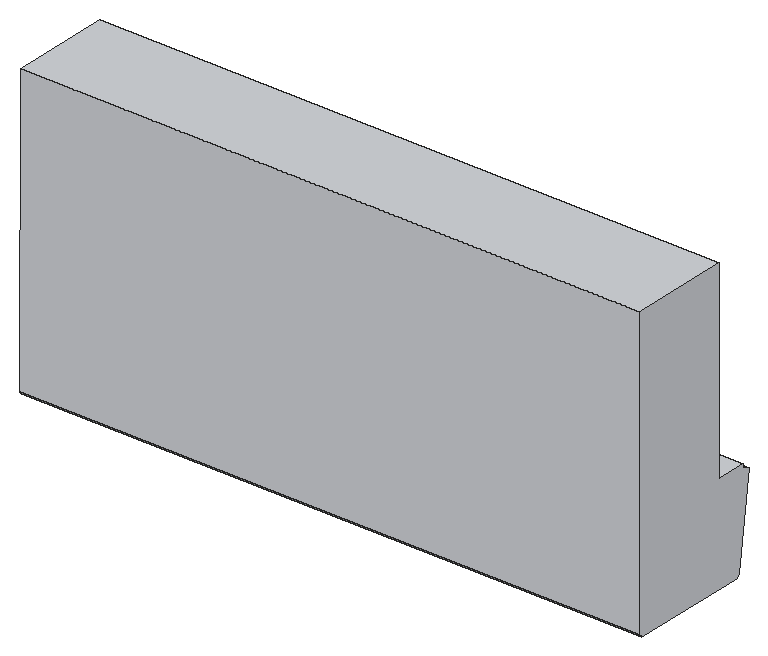
Revit family "KBBE d=400_Precast-Console Beam_Spæncom", category Structural Framing, Revit 2014
Parameters (values of type "KBBE 118/78 (150mm hylde)")
  Structural Material [instance] = none
  Model = "KBBE"
  Manufacturer = "Spæncom"
  Length [instance] = 3000 mm
  Height (bjælkekroppen) = 780 mm
  Width (bjælkekroppen) = 400 mm
  Height console = 400 mm  # constant formula
  Width console = 150 mm
  Height element = 1180 mm
  Base width = 500 mm  # constant formula
Types (7, lengths in mm): name | Height (bjælkekroppen) | Width (bjælkekroppen) | Width console | Height element
  (no name) | 780 | 400 | 150 | 1180
  KBBE 118/78 (150mm hylde) | 780 | 400 | 150 | 1180
  KBBE 118/78 (200mm hylde) | 780 | 350 | 200 | 1180
  KBBE 130/90 (150mm hylde) | 900 | 400 | 150 | 1300
  KBBE 130/90 (200mm hylde) | 900 | 350 | 200 | 1300
  KBBE 142/102 (150mm hylde) | 1020 | 400 | 150 | 1420
  KBBE 142/102 (200mm hylde) | 1020 | 350 | 200 | 1420
Reference planes
  plane 1 "Center (Front/Back)": y = 0
  plane 2 "Center Elevation": z = 0
  plane 3 "Center (Left/Right)": x = 0
  plane 4 "Left": x = -1500
  plane 5 "Member Left": x = -1250
  plane 6 "Stick Symbol Left": x = -1000
  plane 7 "Right": x = 1500
  plane 8 "Member Right": x = 1250
  plane 9 "Stick Symbol Right": x = 1000
  plane 10: z = 400
  plane 11: through (0, 296.893, 374.999) normal (0, -0.9923, 0.124)
  plane 12: through (0, 296.893, 374.999) normal (0, -0.9923, 0.124)
Forms (mm)
  Extrusion 1, solid, material <- "Structural Material"
    sketch origin (-1500, 0, 0) x (0, -1, 0) y (0, 0, 1)
      loop
        line (249.982, 1180) -> (-150.018, 1180) -> (-150.018, 400) -> (-270.017, 400) -> (-270.017, 390) -> (-296.893, 374.999) -> (-251.261, 9.94) -> (-240, 0) -> (240, 0) -> (249.982, 9.983) -> (249.982, 1180)
    from -2750 to -250
Dimensions and locks
  equal spacing: plane 4 "Left", plane 3 "Center (Left/Right)", plane 7 "Right"
  "Length": plane 4 "Left" to plane 7 "Right"
  "Height console": plane 10 to plane 2 "Center Elevation"
  "Height (bjælkekroppen)": plane 10 to Extrusion 1
  "Width (bjælkekroppen)": Extrusion 1 to Extrusion 1
  "Base width": plane 11 to Extrusion 1
  plane 11 to Extrusion 1 = 150 mm
  "Width console": plane 11 to Extrusion 1 sketch curve
  "Height element": Extrusion 1 to Extrusion 1
  locked: plane 11 to Extrusion 1 sketch curve at 30.001
  aligned and locked: level to plane 2 "Center Elevation"
  aligned and locked: Extrusion 1 to plane 8 "Member Right"
  aligned and locked: plane 5 "Member Left" to Extrusion 1
  aligned and locked: Extrusion 1 to plane 11
  aligned and locked: Extrusion 1 to plane 10
  aligned and locked: Extrusion 1 to level
  aligned and locked: Extrusion 1 sketch curve to plane 11
  aligned and locked: Extrusion 1 sketch curve to plane 10
Automatic sketch dimensions
  Extrusion 1 sketch curve to level = 0 mm
  Extrusion 1 sketch curve to plane 1 "Center (Front/Back)" = 240 mm
  level to Extrusion 1 sketch curve = 9.94 mm
  plane 1 "Center (Front/Back)" to Extrusion 1 sketch curve = 240 mm
  level to Extrusion 1 sketch curve = 9.983 mm
  Extrusion 1 sketch curve to Extrusion 1 sketch curve = 9.982 mm
  Extrusion 1 sketch curve to plane 10 = 780 mm
  plane 10 to Extrusion 1 sketch curve = 10 mm
  plane 10 to Extrusion 1 sketch curve = 25.001 mm
